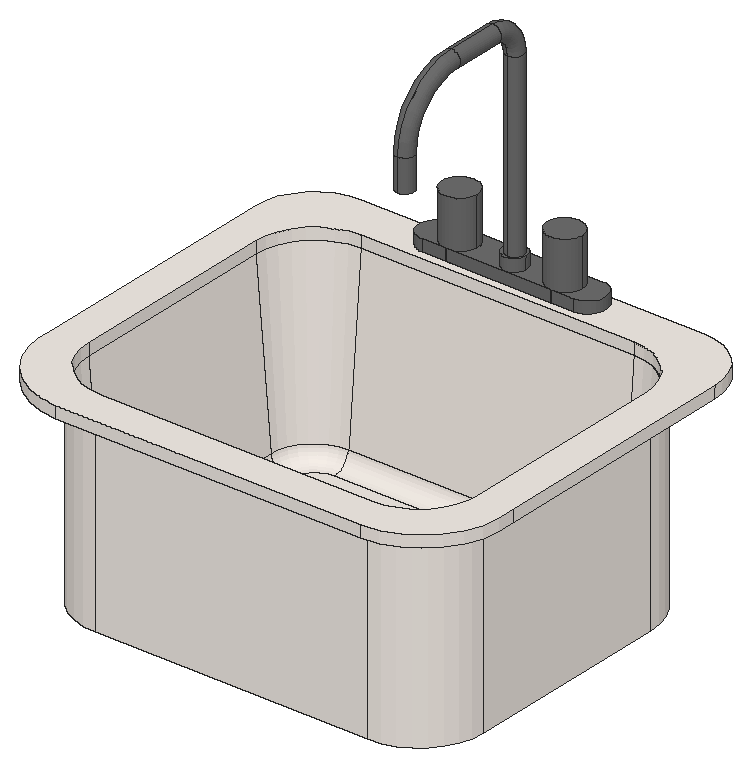
Revit family "Sink Vanity-Square (M)", category 위생기구, Revit 2026
Family settings
  원형 커넥터 치수 = 지름 사용
  부품 유형 = 보통
  작업 기준면 기반 = 아니오
  뷰에서 절단 사용 = 아니오
  항상 수직 = 예
  로드될 때 보이드를 사용하여 절단 = 아니오
  주석 방향 유지 = 아니오
  공유 = 예
  룸 계산 점 = 아니오
Parameters (values of type "500 x 440mm")
  기본 높이 = 0.00 mm
  Basin Material = Porcelain - Linen
  Counter Height = 750.00 mm
  Depth = 440.00 mm
  Fixture Material = Metal - Steel, Polished
  Width = 500.00 mm
Reference planes
  plane 1 "Center (Front/Back)": y = 5.52
  plane 2: z = 0
  plane 3 "Center (Left/Right)": x = 15.689
  plane 4: y = 180.145
  plane 5: y = -259.855
  plane 6: x = -234.311
  plane 7: x = 265.689
  plane 8 "Top Of Counter": z = 750
  plane 9: z = 762.7
  plane 10: z = 534.1
  plane 11: y = 132.52
  plane 12: x = -196.211
  plane 13: y = -221.755
  plane 14: x = 227.589
  plane 15: x = -85.911
  plane 16: x = 117.289
  plane 17: y = 156.333
  plane 18: y = 156.333
  plane 19: y = 156.333
  plane 20: z = 1013.525
  plane 21: y = 7.108
  plane 22: z = 826.2
  plane 23: z = 788.1
  plane 24: y = 161.095
  plane 25: x = -47.811
  plane 26: x = 66.489
Forms (mm)
  Extrusion 1, solid, material "Porcelain - Linen" <- "Basin Material"
    sketch origin (0, 0, 0) x (1, 0, 0) y (0, 1, 0)
      loop
        arc (181.339, -259.855) -> (246.052, -227.766) -> (265.689, -158.255) r 89.057
        line (265.689, -158.255) -> (265.689, 116.645)
        arc (265.689, 116.645) -> (247.091, 161.547) -> (202.189, 180.145) r 63.5
        line (202.189, 180.145) -> (-170.811, 180.145)
        arc (-170.811, 180.145) -> (-215.712, 161.547) -> (-234.311, 116.645) r 63.5
        line (-234.311, 116.645) -> (-234.311, -158.255)
        arc (-234.311, -158.255) -> (-214.674, -227.766) -> (-149.961, -259.855) r 89.057
        line (-149.961, -259.855) -> (181.339, -259.855)
      loop
        arc (-132.711, 132.52) -> (-177.612, 113.922) -> (-196.211, 69.02) r 63.5
        line (-196.211, 69.02) -> (-196.211, -158.255)
        arc (-196.211, -158.255) -> (-177.612, -203.156) -> (-132.711, -221.755) r 63.5
        line (-132.711, -221.755) -> (164.089, -221.755)
        arc (164.089, -221.755) -> (208.991, -203.156) -> (227.589, -158.255) r 63.5
        line (227.589, -158.255) -> (227.589, 69.02)
        arc (227.589, 69.02) -> (208.991, 113.922) -> (164.089, 132.52) r 63.5
        line (164.089, 132.52) -> (-132.711, 132.52)
    from 750 to 762.7
  Sweep 2, solid, material "Porcelain - Linen" <- "Basin Material"
    path origin (0, 0, 0) x (1, 0, 0) y (0, 1, 0)
      loop
        arc (-132.711, 132.52) -> (-177.612, 113.922) -> (-196.211, 69.02) r 63.5
        line (-196.211, 69.02) -> (-196.211, -158.255)
        arc (-196.211, -158.255) -> (-177.612, -203.156) -> (-132.711, -221.755) r 63.5
        line (-132.711, -221.755) -> (164.089, -221.755)
        arc (164.089, -221.755) -> (208.991, -203.156) -> (227.589, -158.255) r 63.5
        line (227.589, -158.255) -> (227.589, 69.02)
        arc (227.589, 69.02) -> (208.991, 113.922) -> (164.089, 132.52) r 63.5
        line (164.089, 132.52) -> (-132.711, 132.52)
    profile origin (15.689, 0, 0) x (0, 1, 0) y (0, 0, 1)
      loop
        line (132.52, 750) -> (115.986, 561.015)
        arc (115.986, 561.015) -> (109.879, 548.63) -> (97.009, 543.625) r 19.05
        line (97.009, 543.625) -> (94.42, 543.625) -> (94.42, 534.1) -> (138.87, 534.1) -> (138.87, 750) -> (132.52, 750)
  Extrusion 3, solid, material "Porcelain - Linen" <- "Basin Material"
    sketch origin (0, 0, 0) x (1, 0, 0) y (0, 1, 0)
      loop
        arc (-132.711, 94.42) -> (-150.671, 86.981) -> (-158.111, 69.02) r 25.4
        line (-158.111, 69.02) -> (-158.111, -158.255)
        arc (-158.111, -158.255) -> (-150.671, -176.215) -> (-132.711, -183.655) r 25.4
        line (-132.711, -183.655) -> (164.089, -183.655)
        arc (164.089, -183.655) -> (182.05, -176.215) -> (189.489, -158.255) r 25.4
        line (189.489, -158.255) -> (189.489, 69.02)
        arc (189.489, 69.02) -> (182.05, 86.981) -> (164.089, 94.42) r 25.4
        line (164.089, 94.42) -> (-132.711, 94.42)
      loop
        circle (15.689, 3.175) r 25.4
    from 534.1 to 543.625
  Extrusion 4, solid, material "Metal - Steel, Polished" <- "Fixture Material"
    sketch origin (0, -17.559, 0) x (1, 0, 0) y (0, 1, 0)
      loop
        circle (-47.811, 178.654) r 19.05
      loop
        circle (66.489, 178.654) r 19.05
    from 762.7 to 826.2
  Sweep 5, solid, material "Metal - Steel, Polished" <- "Fixture Material"
    path origin (15.689, 0, 0) x (0, 1, 0) y (0, 0, 1)
      loop
        line (156.333, 762.7) -> (156.333, 983.363)
        arc (156.333, 983.363) -> (147.499, 1004.691) -> (126.17, 1013.525) r 30.163
        line (126.17, 1013.525) -> (70.608, 1013.525)
        arc (70.608, 1013.525) -> (25.707, 994.926) -> (7.108, 950.025) r 63.5
        line (7.108, 950.025) -> (7.108, 915.1)
    profile origin (15.689, 0, 873.031) x (0, -1, 0) y (1, 0, 0)
      loop
        circle (-156.333, 0) r 9.525
  Extrusion 6, solid, material "Metal - Steel, Polished" <- "Fixture Material"
    sketch origin (0, 0, 0) x (1, 0, 0) y (0, 1, 0)
      loop
        circle (15.689, 156.333) r 12.7
    from 762.7 to 788.1
  Extrusion 7, solid, material "Metal - Steel, Polished" <- "Fixture Material"
    sketch origin (0, 0, 0) x (1, 0, 0) y (0, 1, 0)
      loop
        arc (-73.211, 180.145) -> (-92.261, 161.095) -> (-73.211, 142.045) r 19.05
        line (-73.211, 142.045) -> (91.889, 142.045)
        arc (91.889, 142.045) -> (110.939, 161.095) -> (91.889, 180.145) r 19.05
        line (91.889, 180.145) -> (-73.211, 180.145)
    from 762.7 to 775.2
Cuts and joins
  joined: Sweep 5, Extrusion 6, Extrusion 7
  joined: Sweep 2, Extrusion 3
Lines and regions (mm)
  symbolic lines
    curve 1: line (265.689, -175.505, 0) -> (265.689, 116.645, 0)
    curve 2: line (-145.411, -259.855, 0) -> (181.339, -259.855, 0)
    curve 3: line (-234.311, 116.645, 0) -> (-234.311, -170.955, 0)
    curve 4: arc (41.089, 3.175, 0) -> (15.689, 28.575, 0) -> (-9.711, 3.175, 0) r 25.4
    curve 5: arc (-9.711, 3.175, 0) -> (15.689, -22.225, 0) -> (41.089, 3.175, 0) r 25.4
    curve 6: line (-196.211, 69.02, 0) -> (-196.211, -158.255, 0)
    curve 7: line (-132.711, -221.755, 0) -> (164.089, -221.755, 0)
    curve 8: line (227.589, -158.255, 0) -> (227.589, 69.02, 0)
    curve 9: line (164.089, 132.52, 0) -> (28.389, 132.52, 0)
    curve 10: arc (164.089, -221.755, 0) -> (208.991, -203.156, 0) -> (227.589, -158.255, 0) r 63.5
    curve 11: arc (-196.211, -158.255, 0) -> (-177.612, -203.156, 0) -> (-132.711, -221.755, 0) r 63.5
    curve 12: arc (-132.711, 132.52, 0) -> (-177.612, 113.922, 0) -> (-196.211, 69.02, 0) r 63.5
    curve 13: arc (28.389, 160.745, 0) -> (15.689, 173.445, 0) -> (2.989, 160.745, 0) r 12.7
    curve 14: line (2.989, 160.745, 0) -> (2.989, 40.391, 0)
    curve 15: line (28.389, 160.745, 0) -> (28.389, 40.391, 0)
    curve 16: arc (28.389, 40.391, 0) -> (15.689, 27.691, 0) -> (2.989, 40.391, 0) r 12.7
    curve 17: line (2.989, 132.52, 0) -> (-132.711, 132.52, 0)
    curve 18: arc (-234.311, -170.955, 0) -> (-208.273, -233.816, 0) -> (-145.411, -259.855, 0) r 88.9
    curve 19: arc (181.339, -259.855, 0) -> (240.984, -235.149, 0) -> (265.689, -175.505, 0) r 84.35
    curve 20: arc (164.089, 132.52, 0) -> (208.991, 113.922, 0) -> (227.589, 69.02, 0) r 63.5
    curve 21: line (202.189, 180.145, 0) -> (-170.811, 180.145, 0)
    curve 22: arc (-170.811, 180.145, 0) -> (-215.712, 161.547, 0) -> (-234.311, 116.645, 0) r 63.5
    curve 23: arc (265.689, 116.645, 0) -> (247.091, 161.547, 0) -> (202.189, 180.145, 0) r 63.5
    curve 24: arc (85.539, 161.095, 0) -> (66.489, 180.145, 0) -> (47.439, 161.095, 0) r 19.05
    curve 25: arc (85.539, 161.095, 0) -> (66.489, 142.045, 0) -> (47.439, 161.095, 0) r 19.05
    curve 26: arc (-28.761, 161.095, 0) -> (-47.811, 180.145, 0) -> (-66.861, 161.095, 0) r 19.05
    curve 27: arc (-66.861, 161.095, 0) -> (-47.811, 142.045, 0) -> (-28.761, 161.095, 0) r 19.05
    curve 28: line (-73.211, 142.045, 0) -> (2.989, 142.045, 0)
    curve 29: arc (91.889, 142.045, 0) -> (110.939, 161.095, 0) -> (91.889, 180.145, 0) r 19.05
    curve 30: arc (-73.211, 180.145, 0) -> (-92.261, 161.095, 0) -> (-73.211, 142.045, 0) r 19.05
    curve 31: line (91.889, 180.145, 0) -> (-73.211, 180.145, 0)
    curve 32: line (28.389, 142.045, 0) -> (91.889, 142.045, 0)
Dimensions and locks
  equal spacing: plane 6, plane 3 "Center (Left/Right)", plane 7
  "Width": plane 6 to plane 7
  "Depth": plane 5 to plane 4
  "Counter Height": plane 8 "Top Of Counter" to plane 2
  locked: plane 9 to plane 8 "Top Of Counter" at 12.7
  locked: plane 8 "Top Of Counter" to plane 10 at 215.9
  locked: plane 6 to plane 12 at 38.1
  locked: plane 14 to plane 7 at 38.1
  locked: plane 5 to plane 13 at 38.1
  equal spacing: plane 11, plane 17, plane 4
  equal spacing: plane 11, plane 18, plane 4
  equal spacing: plane 4, plane 19, plane 11
  locked: plane 19 to plane 21 at 149.225
  locked: plane 20 to plane 9 at 250.825
  locked: plane 22 to plane 9 at 63.5
  locked: plane 23 to plane 9 at 25.4
  locked: plane 1 "Center (Front/Back)" to plane 4 at 174.625
  plane 24 to plane 4 = 19.05 mm
  locked: plane 25 to plane 3 "Center (Left/Right)" at 63.5
  locked: plane 3 "Center (Left/Right)" to plane 26 at 50.8
  aligned and locked: Extrusion 1 sketch curve to plane 5
  aligned and locked: plane 8 "Top Of Counter" to Extrusion 1
  aligned and locked: Extrusion 1 to plane 9
  aligned and locked: plane 11 to Extrusion 1 sketch curve
  aligned and locked: plane 14 to Extrusion 1 sketch curve
  aligned and locked: Extrusion 1 sketch curve to plane 12
  aligned and locked: Extrusion 1 sketch curve to plane 13
  aligned and locked: plane 11 to Sweep 2 sketch curve
  aligned and locked: plane 14 to Sweep 2 sketch curve
  aligned and locked: Sweep 2 sketch curve to plane 12
  aligned and locked: Sweep 2 sketch curve to plane 13
  aligned and locked: Sweep 2 to Extrusion 3 sketch curve  (x4)
  aligned and locked: Sweep 2 to Extrusion 3
  aligned and locked: plane 10 to Extrusion 3
  aligned and locked: Sweep 2 sketch curve to plane 10
  aligned and locked: plane 8 "Top Of Counter" to Sweep 2 sketch curve
  aligned and locked: Extrusion 4 to Extrusion 1
  aligned and locked: Extrusion 6 to Extrusion 1
  aligned and locked: Sweep 5 sketch curve to plane 19
  aligned and locked: plane 20 to Sweep 5 sketch curve
  aligned and locked: plane 21 to Sweep 5 sketch curve
  aligned and locked: Extrusion 4 to plane 22
  aligned and locked: Extrusion 6 to plane 23
  aligned and locked: Extrusion 7 to Extrusion 1
Automatic sketch dimensions
  Sweep 2 sketch curve to plane 12 = 63.50 mm
  Sweep 2 sketch curve to Sweep 2 sketch curve = 63.50 mm
  plane 11 to Sweep 2 sketch curve = 63.50 mm
  plane 14 to Sweep 2 sketch curve = 63.50 mm
  Sweep 2 sketch curve to profile plane = 0.00 mm
  profile plane to Sweep 2 sketch curve = 16.534 mm
  Sweep 2 sketch curve to Sweep 2 sketch curve = 18.978 mm
  Sweep 2 sketch curve to Sweep 2 sketch curve = 2.588 mm
  Sweep 2 sketch curve to profile plane = 6.35 mm
  Sweep 2 sketch curve to Sweep 2 sketch curve = 9.525 mm
  Sweep 2 sketch curve to Sweep 2 sketch curve = 17.39 mm
  Sweep 5 sketch curve to plane 3 "Center (Left/Right)" = 0.00 mm
  Sweep 5 sketch curve to profile plane = 0.00 mm
  profile plane to Sweep 5 sketch curve = 9.525 mm
  Extrusion 6 sketch curve to plane 18 = 0.00 mm
  Extrusion 6 sketch curve to plane 3 "Center (Left/Right)" = 0.00 mm
  Extrusion 6 sketch curve to plane 3 "Center (Left/Right)" = 12.70 mm
  Sweep 5 sketch curve to plane 9 = 0.00 mm
  Sweep 5 sketch curve to Sweep 5 sketch curve = 63.50 mm
  plane 11 to Sweep 5 sketch curve = 6.35 mm
  Sweep 5 sketch curve to Sweep 5 sketch curve = 34.925 mm
  Extrusion 3 sketch curve to plane 3 "Center (Left/Right)" = 0.00 mm
  Extrusion 3 sketch curve to Extrusion 3 sketch curve = 25.40 mm  (x4)
  plane 1 "Center (Front/Back)" to Extrusion 3 sketch curve = 2.345 mm
  Extrusion 3 sketch curve to plane 1 "Center (Front/Back)" = 63.50 mm
  Extrusion 7 sketch curve to plane 24 = 0.00 mm
  plane 25 to Extrusion 7 sketch curve = 25.40 mm
  plane 4 to Extrusion 7 sketch curve = 0.00 mm
  plane 3 "Center (Left/Right)" to Extrusion 7 sketch curve = 76.20 mm
  Extrusion 1 sketch curve to plane 6 = 0.00 mm
  Extrusion 1 sketch curve to plane 4 = 0.00 mm
  Extrusion 1 sketch curve to plane 7 = 0.00 mm
  plane 11 to Extrusion 1 sketch curve = 15.875 mm
  Extrusion 1 sketch curve to Extrusion 1 sketch curve = 38.10 mm
  Extrusion 1 sketch curve to plane 12 = 46.25 mm
  Extrusion 1 sketch curve to Extrusion 1 sketch curve = 50.057 mm
  Extrusion 1 sketch curve to Extrusion 1 sketch curve = 17.25 mm  (x2)
  Extrusion 1 sketch curve to Extrusion 1 sketch curve = 63.50 mm  (x2)
  Extrusion 1 sketch curve to Extrusion 1 sketch curve = 13.443 mm
  plane 14 to Extrusion 1 sketch curve = 25.40 mm
  Extrusion 1 sketch curve to Extrusion 1 sketch curve = 12.625 mm  (x2)
  Extrusion 4 sketch curve to plane 24 = 0.00 mm  (x2)
  Extrusion 4 sketch curve to plane 25 = 0.00 mm
  Extrusion 4 sketch curve to plane 26 = 0.00 mm
  Extrusion 4 sketch curve to Extrusion 4 sketch curve = 19.05 mm  (x2)
  curve 22 to plane 6 = 0.00 mm
  curve 17 to plane 11 = 0.00 mm
  curve 22 to plane 4 = 0.00 mm
  curve 18 to plane 5 = 0.00 mm
  curve 11 to plane 13 = 0.00 mm
  curve 31 to plane 4 = 0.00 mm
  curve 30 to plane 24 = 0.00 mm
  curve 27 to plane 24 = 0.00 mm
  curve 26 to plane 25 = 0.00 mm
  curve 16 to plane 3 "Center (Left/Right)" = 0.00 mm
  curve 4 to plane 3 "Center (Left/Right)" = 0.00 mm
  curve 24 to plane 24 = 0.00 mm
  curve 25 to plane 26 = 0.00 mm
  curve 20 to plane 14 = 0.00 mm
  curve 1 to plane 7 = 0.00 mm
  curve 17 to plane 12 = 63.50 mm
  curve 22 to plane 12 = 25.40 mm
  curve 6 to curve 18 = 50.80 mm
  curve 18 to curve 11 = 12.70 mm
  plane 25 to curve 28 = 25.40 mm
  curve 30 to curve 27 = 6.35 mm
  plane 1 "Center (Front/Back)" to curve 4 = 2.345 mm
  curve 4 to curve 4 = 25.40 mm
  curve 14 to curve 16 = 12.70 mm
  curve 24 to curve 24 = 19.05 mm
  curve 24 to curve 29 = 6.35 mm
  curve 10 to curve 8 = 63.50 mm
  curve 20 to curve 20 = 63.50 mm
  curve 7 to curve 19 = 17.25 mm
  plane 14 to curve 23 = 25.40 mm
  curve 15 to plane 1 "Center (Front/Back)" = 34.87 mm
  plane 24 to curve 13 = 0.351 mm
  curve 29 to plane 24 = 0.00 mm
  curve 9 to plane 11 = 0.00 mm
  curve 6 to plane 12 = 0.00 mm
